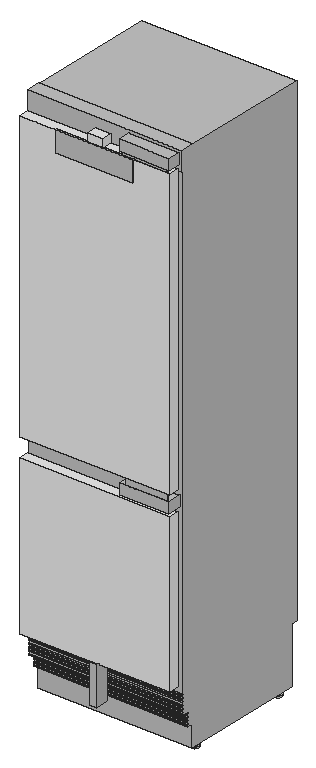
Revit family "FP-Revit18-RS2484WRUK1-FridgeFreezer-0-CA-US-90001070A", category Specialty Equipment, Revit 2020 (continued)
Definition of nested family "Handle Professional Square - Horizontal"
  Lines and regions (mm)
    sketch lines
      curve 11: arc (-293, -40, -17.5) -> (-290.071, -47.071, -17.5) -> (-283, -50, -17.5) r 10
      curve 12: line (-243, -50, -17.5) -> (-283, -50, -17.5)
  Dimensions and locks
    equal spacing: plane 4 "Product LHS", plane 3 "Center (Left/Right)", plane 5 "Product RHS"
    "Handle - Length": plane 4 "Product LHS" to plane 5 "Product RHS"
    plane 4 "Product LHS" to plane 6 "LHS Standoff" = 50 mm
    plane 7 "RHS Standoff" to plane 5 "Product RHS" = 50 mm
    aligned and locked: level to plane 2
    aligned and locked: plane 5 "Product RHS" to Extrusion 1 sketch curve
    aligned and locked: Extrusion 1 sketch curve to plane 1 "Center (Front/Back)"
    aligned and locked: plane 1 "Center (Front/Back)" to Extrusion 1 sketch curve
    aligned and locked: Extrusion 1 sketch curve to plane 6 "LHS Standoff"
    aligned and locked: Extrusion 1 sketch curve to plane 7 "RHS Standoff"
    aligned and locked: plane 7 "RHS Standoff" to Extrusion 2
    aligned and locked: Extrusion 2 to plane 6 "LHS Standoff"
    aligned and locked: plane 5 "Product RHS" to Extrusion 7 sketch curve
    aligned and locked: Extrusion 7 sketch curve to plane 7 "RHS Standoff"
    aligned and locked: plane 6 "LHS Standoff" to Extrusion 7 sketch curve
    aligned and locked: plane 4 "Product LHS" to Extrusion 7 sketch curve
    aligned and locked: Extrusion 7 sketch curve to plane 1 "Center (Front/Back)"
    aligned and locked: plane 1 "Center (Front/Back)" to Extrusion 7 sketch curve
  Automatic sketch dimensions
    Extrusion 1 sketch curve to plane 4 "Product LHS" = 0 mm
    Extrusion 1 sketch curve to plane 4 "Product LHS" = 10 mm
    plane 5 "Product RHS" to Extrusion 1 sketch curve = 10 mm
    Extrusion 1 sketch curve to Extrusion 1 sketch curve = 40 mm  (x2)
    level to Extrusion 2 sketch curve = 0 mm
    plane 1 "Center (Front/Back)" to Extrusion 2 sketch curve = 61.313 mm
    Extrusion 2 sketch curve to Extrusion 2 sketch curve = 13.513 mm
    Extrusion 2 sketch curve to Extrusion 2 sketch curve = 1.328 mm  (x4)
    Extrusion 2 sketch curve to Extrusion 2 sketch curve = 9.684 mm  (x2)
    Extrusion 2 sketch curve to Extrusion 2 sketch curve = 14.172 mm
    Sweep 3 sketch curve to profile plane = 0 mm  (x2)
    Sweep 3 sketch curve to profile plane = 2.5 mm  (x2)
    Sweep 4 sketch curve to profile plane = 0 mm  (x2)
    Sweep 4 sketch curve to profile plane = 2.5 mm  (x2)
    profile plane to Sweep 5 sketch curve = 0 mm
    Sweep 5 sketch curve to profile plane = 0 mm
    Sweep 5 sketch curve to profile plane = 2.5 mm  (x2)
    profile plane to Sweep 6 sketch curve = 0 mm
    Sweep 6 sketch curve to profile plane = 0 mm
    Sweep 6 sketch curve to profile plane = 2.5 mm  (x2)
    Extrusion 7 sketch curve to plane 4 "Product LHS" = 10 mm
    plane 5 "Product RHS" to Extrusion 7 sketch curve = 10 mm
    plane 1 "Center (Front/Back)" to Extrusion 7 sketch curve = 32 mm
    plane 1 "Center (Front/Back)" to Extrusion 7 sketch curve = 40 mm
Definition of nested family "Visibility Control Note 18"
  Types (3): name
    New
    Resolved
    Active
  Reference planes
    plane 1: y = 0
    plane 2: x = 0
  Text (mm)
    text "Edit Type: \nTo control handle kit \nand door panel visibility\n options\n\nDelete unwanted kits \nto reduce file size" at (-0.165, 35.556, 0)
Types (3, lengths in mm): name | Model
  (no name) | "RS2484WRUE1"
  RS2484WRU1 | "RS2484WRU1"
  RS2484WRUE1 | "RS2484WRUE1"
